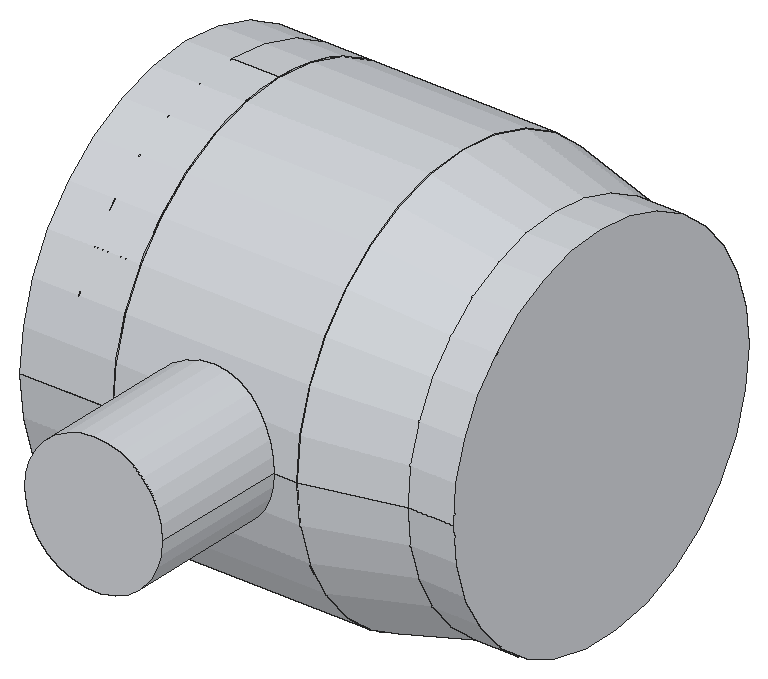
Revit family "7333dd67f439436bb56ca5c345a53f8f", category Duct Fittings, Revit 2021
Family settings
  Round Connector Dimension = Use Radius
  Part Type = Tee
  OmniClass Number = 23.75.70.14
  OmniClass Title = Air Ductwork
  Seek Item ID = Round Transition Straight Tee - DTL-0000-USA-ENU
  Work Plane-Based = No
  Always vertical = Yes
  Cut with Voids When Loaded = No
  Shared = No
Parameters (values of type "Standard")
  Tap Visibility 2 [instance] = Tap Offset < 0' 0"  # no
  Tap Visibility 1 [instance] = not(Tap Offset < 0' 0")  # yes
  Radius 3 [instance] = if(Tap Angle 1 < 90.00°, Radius Out, Body Radius Judge)  # 9"
  Radius 2 [instance] = if(Tap Angle 1 > 90.00°, Radius In, Body Radius Judge)  # 9"
  Radius 1 [instance] = if(Tap Offset = 0' 0", 0' 0 1/32", abs(Tap Offset))  # 1/32"
  Length Out [instance] = 4"
  Length In [instance] = 2"
  Default Elevation = 0' - 0"
  Collar Out [instance] = 2"
  Collar In [instance] = 2"
  Length 1 [instance] = (Collar In Length + Collar Out Length + Body Length) * 2  # 36"
  Tap Radius [instance] = 3"
  Radius In [instance] = 9"
  Radius Out [instance] = 8"
  Offset 1 [instance] = Body Radius + Tap Offset  # 9"
  Tap Offset [instance] = 0"
  Length 2 Horizontal [instance] = if(Tap Angle 1 = 90.00°, Length In 1 + Collar In + abs(Tap Radius / sin((180.00° - Tap Angle 1))) + Tap Insert + Length 1 / 2, Length In 1 + Collar In + abs(Tap Radius / sin((180.00° - Tap Angle 1))) + Tap Insert + (Body Radius Judge) / tan((180.00° - Tap Angle 1)) + Length 1 / 2)  # 26"
  Length 2 [instance] = if(Tap Angle 1 = 90.00°, Tap Length + Length 3, Length 3 + Tap Length + abs(Tap Radius / tan(Tap Angle 1)))  # 15"
  Collar Out Length [instance] = Length Out 1 + Collar Out  # 6"
  Collar In Length [instance] = Length In 1 + Collar In  # 4"
  Tap Length [instance] = 6"
  Length Out 1 [instance] = if(Length Out = 0' 0", Length Out + 0' 0 1/32", Length Out)  # 4"
  Length In 1 [instance] = if(Length In = 0' 0", Length In + 0' 0 1/32", Length In)  # 2"
  Body Length [instance] = if(Length > Tap Diameter, Length, Tap Radius * 2 + Tap Insert)  # 8"
  Length 4 [instance] = if(Tap Offset = 0' 0", 1' 0 1/256" + Body Radius Judge, Offset 1)  # 21 1/256"
  Length 3 [instance] = Body Radius Judge / sin(Tap Angle 1)  # 9"
  Length [instance] = 8"
  Tap Insert [instance] = 1"
  Tap Diameter [instance] = Tap Radius * 2  # 6"
  Diameter In [instance] = Radius In * 2  # 18"
  Diameter Out [instance] = Radius Out * 2  # 16"
  Body Radius Judge [instance] = if(and(Body Radius < Radius Out, Radius Out > Radius In), Radius Out, if(and(Body Radius < Radius In, Radius In > Radius Out), Radius In, Body Radius))  # 9"
  Body Radius [instance] = 9"
  Body Diameter [instance] = Body Radius * 2  # 18"
  Tap Angle 1 [instance] = 90.00°
  Assembly Code = ""
Reference planes (in)
  plane 1 "Center (Front/Back)": y = 0
  plane 2: z = 0
  plane 3 "Center (Left/Right)": x = 0
  plane 4: x = -4
  plane 5: x = 4
  plane 6: x = -6
  plane 7: x = -8
  plane 8: x = 10
  plane 9: x = 8
  plane 10: y = 9
  plane 11: y = -9
  plane 12: z = 0
  plane 13: z = -9
  plane 14: z = 12.00391
  plane 15: x = -26
  plane 16: x = 26
  plane 17: x = 36
Forms (in)
  SweptBlend 1, solid, detail levels medium+fine
    path in 3D
      loop
        line (-4, 0, 0) -> (-6, 0, 0)
    profile origin (-4, 0, 0) x (0, -1, 0) y (0, 0, 1)
      loop
        circle (0, 0) r 9
    end profile origin (-6, 0, 0) x (0, -1, 0) y (0, 0, 1)
      loop
        circle (0, 0) r 9
  SweptBlend 2, solid, detail levels medium+fine
    path in 3D
      loop
        line (4, 0, 0) -> (8, 0, 0)
    profile origin (4, 0, 0) x (0, 1, 0) y (0, 0, 1)
      loop
        circle (0, 0) r 9
    end profile origin (8, 0, 0) x (0, 1, 0) y (0, 0, 1)
      loop
        circle (0, 0) r 8
  Sweep 3, solid, detail levels medium+fine
    path in 3D
      loop
        line (-8, 0, 0) -> (-4, 0, 0)
    profile origin (-6, 0, 0) x (0, 1, 0) y (0, 0, 1)
      loop
        circle (0, 0) r 9
  Sweep 4, solid, detail levels medium+fine
    path in 3D
      loop
        line (4, 0, 0) -> (10, 0, 0)
    profile origin (7, 0, 0) x (0, 1, 0) y (0, 0, 1)
      loop
        circle (0, 0) r 8
  Sweep 5, solid, detail levels medium+fine
    path in 3D
      loop
        line (-4, 0, 0) -> (4, 0, 0)
    profile origin (0, 0, 0) x (0, 1, 0) y (0, 0, 1)
      loop
        circle (0, 0) r 9
  Sweep 6, solid, detail levels medium+fine
    path in 3D
      loop
        line (0, 0, 0) -> (0, -15, 0)
    profile origin (0, -7.5, 0) x (1, 0, 0) y (0, 0, 1)
      loop
        circle (0, 0) r 3
  Sweep 7, void
    path in 3D
      loop
        line (-26, 0, 0) -> (-4, 0, 0)
    profile origin (-15, 0, 0) x (0, 1, 0) y (0, 0, 1)
      loop
        circle (0, 0) r 9
  Sweep 8, void
    path in 3D
      loop
        line (4, 0, 0) -> (36, 0, 0)
    profile origin (20, 0, 0) x (0, 1, 0) y (0, 0, 1)
      loop
        circle (0, 0) r 9
  Sweep 9, solid, not visible
    path in 3D
      loop
        line (0, 0, 0) -> (0, -15, 0)
    profile origin (0, -7.5, 0) x (1, 0, 0) y (0, 0, 1)
      loop
        arc (0, -0.03125) -> (0.0221, -0.0221) -> (0.03125, 0) r 0.03125
        line (0.03125, 0) -> (0, 0) -> (0, -0.03125)
  Sweep 10, solid, not visible
    path in 3D
      loop
        line (0, 0, 0) -> (0, -15, 0)
    profile origin (0, -7.5, 0) x (1, 0, 0) y (0, 0, 1)
      loop
        line (0, 0.03125) -> (0, 0) -> (0.03125, 0)
        arc (0.03125, 0) -> (0.0221, 0.0221) -> (0, 0.03125) r 0.03125
Cuts and joins
  Sweep 7, Sweep 8 cuts Sweep 6
  joined: Sweep 5, Sweep 6
  joined: SweptBlend 2, Sweep 4
Lines and regions (in)
  model lines, detail levels coarse
    curve 1: line (-4, 0, 0) -> (4, 0, 0)
    curve 2: line (-4, 0, 0) -> (-6, 0, 0)
    curve 3: line (4, 0, 0) -> (8, 0, 0)
    curve 6: line (-8, 0, 0) -> (-4, 0, 0)
    curve 8: line (4, 0, 0) -> (10, 0, 0)
    curve 23: line (0, -15, 0) -> (0, 0, 0)
  sketch lines
    curve 4: line (-4, 0, 0) -> (-6, 0, 0)
    curve 5: line (4, 0, 0) -> (8, 0, 0)
    curve 7: line (-8, 0, 0) -> (-4, 0, 0)
    curve 9: line (4, 0, 0) -> (10, 0, 0)
    curve 10: line (-4, 0, 0) -> (4, 0, 0)
    curve 12: line (0, 0, 0) -> (0, -15, 0)
    curve 15: line (-26, 0, 0) -> (-4, 0, 0)
    curve 17: line (4, 0, 0) -> (36, 0, 0)
    curve 18: line (0, 0, 0) -> (0, -15, 0)
    curve 21: line (0, 0, 0) -> (0, -15, 0)
  reference lines
    curve 11: line (0, 0, 0) -> (0, -15, 0)
    curve 13: line (-26, 0, 0) -> (-4, 0, 0)
    curve 14: line (10, 0, 0) -> (26, 0, 0)
  reference lines, not visible
    curve 16: line (4, 0, 0) -> (36, 0, 0)
  model lines, visible <- "Tap Visibility 1", detail levels coarse
    curve 19: line (0, -15, 0) -> (0, 0, 0)
    curve 20: line (0, 0, -0.03125) -> (0, 0, 0)
  model lines, visible <- "Tap Visibility 2", detail levels coarse
    curve 22: line (0, 0, 0) -> (0, 0, 0.03125)
Dimensions and locks (in)
  "Body Length": plane 4 to plane 5
  "Length In 1": plane 6 to plane 4
  "Length Out 1": plane 5 to plane 9
  "Body Radius": plane 10 to plane 1 "Center (Front/Back)"
  "Body Radius": plane 11 to plane 1 "Center (Front/Back)"
  "Body Radius": plane 2 to plane 13
  "Offset 1": plane 12 to plane 13
  "Length 2": curve 11 to curve 11
  "Length 4": plane 14 to plane 13
  "Collar In Length": plane 7 to plane 4
  "Collar Out Length": plane 5 to plane 8
  "Length 2 Horizontal": plane 15 to plane 3 "Center (Left/Right)"
  "Length 1": plane 15 to plane 8
  "Length 2 Horizontal": plane 3 "Center (Left/Right)" to plane 16
  "Length 2 Horizontal": plane 8 to plane 17
  "Body Radius Judge": radius of SweptBlend 1 sketch curve
  "Radius In": radius of SweptBlend 1 sketch curve
  "Body Radius Judge": radius of SweptBlend 2 sketch curve
  "Radius Out": radius of SweptBlend 2 sketch curve
  "Radius In": radius of Sweep 3 sketch curve
  "Radius Out": radius of Sweep 4 sketch curve
  "Body Radius Judge": radius of Sweep 5 sketch curve
  "Tap Radius": radius of Sweep 6 sketch curve
  "Radius 2": radius of Sweep 7 sketch curve
  "Radius 3": radius of Sweep 8 sketch curve
  "Radius 1": radius of Sweep 9 sketch curve
  "Radius 1": radius of Sweep 10 sketch curve
  "Tap Angle 1": angle curve 11 to plane 1 "Center (Front/Back)"
  aligned and locked: plane 1 "Center (Front/Back)" to curve 1
  aligned and locked: plane 5 to curve 1
  aligned and locked: plane 6 to curve 2
  aligned and locked: plane 9 to curve 3
  aligned and locked: plane 2 to SweptBlend 1 sketch curve  (x2)
  aligned and locked: plane 1 "Center (Front/Back)" to SweptBlend 1 sketch curve  (x2)
  aligned and locked: plane 1 "Center (Front/Back)" to SweptBlend 2 sketch curve  (x2)
  aligned and locked: plane 2 to SweptBlend 2 sketch curve  (x2)
  aligned and locked: plane 1 "Center (Front/Back)" to curve 6
  aligned and locked: plane 4 to curve 6
  aligned and locked: plane 7 to curve 6
  aligned and locked: plane 1 "Center (Front/Back)" to Sweep 3 sketch curve
  aligned and locked: plane 2 to Sweep 3 sketch curve
  aligned and locked: plane 8 to curve 8
  aligned and locked: plane 1 "Center (Front/Back)" to Sweep 4 sketch curve
  aligned and locked: plane 2 to Sweep 4 sketch curve
  aligned and locked: plane 2 to Sweep 5 sketch curve
  aligned and locked: plane 1 "Center (Front/Back)" to Sweep 5 sketch curve
  aligned and locked: plane 1 "Center (Front/Back)" to curve 11
  aligned and locked: plane 12 to Sweep 6 sketch curve
  aligned and locked: plane 3 "Center (Left/Right)" to curve 11
  aligned and locked: plane 1 "Center (Front/Back)" to curve 13
  aligned and locked: plane 15 to curve 13
  aligned and locked: plane 1 "Center (Front/Back)" to curve 14
  aligned and locked: plane 16 to curve 14
  aligned and locked: plane 2 to Sweep 7 sketch curve
  aligned and locked: profile plane to plane 1 "Center (Front/Back)"
  aligned and locked: plane 17 to curve 16
  aligned and locked: plane 2 to Sweep 8 sketch curve
  aligned and locked: plane 1 "Center (Front/Back)" to Sweep 8 sketch curve
  aligned and locked: plane 4 to curve 13
  aligned and locked: cut or joined group of Sweep 5, Sweep 6, Sweep 7, Sweep 8 to curve 16
  aligned and locked: plane 12 to Sweep 9 sketch curve
  aligned and locked: plane 12 to Sweep 10 sketch curve
Automatic sketch dimensions
  Sweep 6 sketch curve to profile plane = 0' - 0"
  Sweep 7 sketch curve to profile plane = 0' - 0"
  curve 16 to plane 1 "Center (Front/Back)" = 0' - 0"
  curve 16 to plane 5 = 0' - 0"
  curve 14 to plane 8 = 0' - 0"
  Sweep 9 sketch curve to profile plane = 0' - 0"
  curve 19 to Sweep 9 = 0' - 0"  (x2)
  curve 20 to Sweep 9 = 0' - 0"  (x2)
  Sweep 10 sketch curve to profile plane = 0' - 0"
  curve 22 to Sweep 10 = 0' - 0"
  curve 23 to Sweep 10 = 0' - 0"  (x3)
Connectors (in)
  hvac at (-8, 0, 0), driven by "Radius In"
    settings: on Sweep 3, index 1, duct flow 0 CFM, flow factor 0, pres drop 0.00 in-wg, loss coef 0, conn angle 0.00°, conn width 12", conn height 12", conn diameter 18", duct sys type 28, conn prof type 0, flow config 0, flow direction 0, loss method 0, conn ref index 2, conn util no, is conn primary yes, conn desc ""
  hvac at (10, 0, 0), driven by "Radius Out"
    settings: on Sweep 4, index 2, duct flow 0 CFM, flow factor 0, pres drop 0.00 in-wg, loss coef 0, conn angle 0.00°, conn width 12", conn height 12", conn diameter 16", duct sys type 28, conn prof type 0, flow config 0, flow direction 0, loss method 0, conn ref index 1, conn util no, is conn primary no, conn desc ""
  hvac at (0, -15, 0), driven by "Tap Angle 1", driven by "Tap Radius"
    settings: on cut or joined group of Sweep 5, Sweep 6, Sweep 7, Sweep 8, index 3, duct flow 0 CFM, flow factor 0, pres drop 0.00 in-wg, loss coef 0, conn angle 90.00°, conn width 12", conn height 12", conn diameter 6", duct sys type 28, conn prof type 0, flow config 0, flow direction 0, loss method 0, conn ref index -1, conn util no, is conn primary no, conn desc ""
